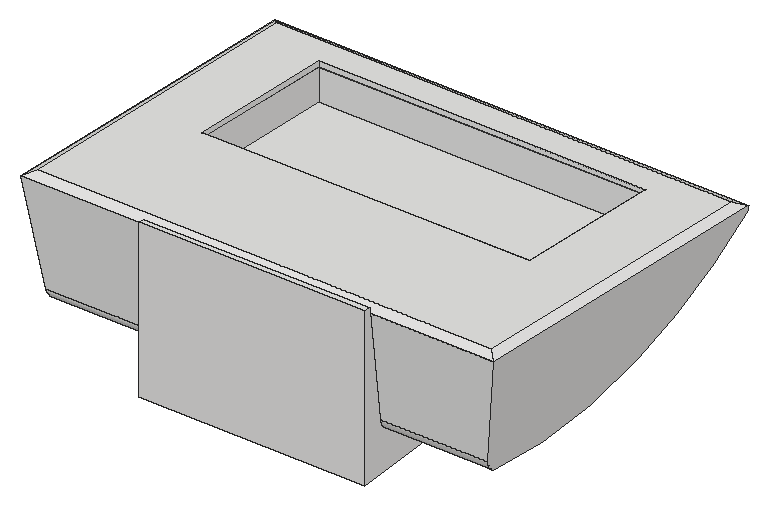
Revit family "WD2S-Up", category Lighting Fixtures, host Wall, Revit 2014
Parameters (values of type "WDS-U-24L-74-4K7-3")
  Watts = 74 W
  Wattage Comments = "30, 40, 60 & 75W"  # constant formula
  Wattage = 74 W
  built-in parameter 1150110 = 1 (stored number, unit not read)
  Voltage = 120 V
  URL = "https://www.hubbell.com/kimlighting/en/"
  Type Comments = "Lighting Fixture"  # constant formula
  built-in parameter 1114217 = 1 (stored number, unit not read)
  Tilt Angle = 90.00°
  built-in parameter 1150109 = 1 (stored number, unit not read)
  built-in parameter 1150134 = 12
  built-in parameter 1150113 = 1 (stored number, unit not read)
  Series = "Wall Director"  # constant formula
  Product Page URL = "https://www.hubbell.com/kimlighting/en/Products/Lighting-Controls/Commercial-Outdoor-Lighting/Wall-Mount/Wall-Director-2-0/p/2657528"
  Product Documentation Link = "https://www.hubbell.com/kimlighting/en/Products/Lighting-Controls/Commercial-Outdoor-Lighting/Wall-Mount/Wall-Director-2-0/p/2657528"
  Power Factor = 1  # constant formula
  Photometric Web Link = "https://www.hubbell.com/kimlighting/en/Products/Lighting-Controls/Commercial-Outdoor-Lighting/Wall-Mount/Wall-Director-2-0/p/2657528"
  Photometric Web File = "WDS-D-24L-74-4K7-3.IES"
  Photometric Notes = "More IES files download on Photometric Web Link"  # constant formula
  OmniClass Title = "Wall or Ceiling Mounted External Lighting"  # constant formula
  OmniClass Number = "23-80 70 14 11 17"  # constant formula
  Number of Poles = 1
  Note Visible = yes
  Note Text = "LF"  # constant formula
  Mounting Height = 108.50"
  Model = "WD2S-Up"  # constant formula
  MasterFormat Title = "Parking Lighting, Site Lighting"  # constant formula
  Manufacturer = "Kim Lighting"  # constant formula
  Lumens = 7844 lm
  built-in parameter 1150115 = 1 (stored number, unit not read)
  built-in parameter 1150105 = 624.21 (stored number, unit not read)
  Load Classification = Lighting
  built-in parameter 1150137 = (empty or 0)
  built-in parameter 1150139 = (empty or 0)
  Light Engine = "4000K/70CRI"
  built-in parameter 1150112 = 1 (stored number, unit not read)
  built-in parameter 1150114 = 1 (stored number, unit not read)
  Lamp = "24 LEDs"  # constant formula
  built-in parameter 1150132 = (empty or 0)
  built-in parameter 1150102 = (empty or 0)
  built-in parameter 1150138 = (empty or 0)
  built-in parameter 1150107 = 4000 (stored number, unit not read)
  built-in parameter 1150106 = 6.2421 (stored number, unit not read)
  Emit from Rectangle Width = 9.00"  # constant formula
  Emit from Rectangle Length = 4.00"  # constant formula
  Emit Shape Visible in Rendering = no
  built-in parameter 1150104 = 9.8477 (stored number, unit not read)
  Distribution = "Type III"
  Dimming Lamp Color Temperature Shift = <None>
  Description = "Wall Mounted Luminaire"  # constant formula
  Create Date = "02/16/2018"  # constant formula
  Colour Option = WD : White
  Color Filter = 16777215
  built-in parameter 1114218 = 1 (stored number, unit not read)
  built-in parameter 1150133 = 10 (stored number, unit not read)
  Assembly Code = "D5020200"
  Apparent Load = 0 VA
Types (7): name | Watts | Wattage | built-in parameter 1150134 | Photometric Web File | Mounting Height | Lumens | built-in parameter 1150105 | Light Engine | built-in parameter 1150107 | built-in parameter 1150106 | built-in parameter 1150104 | Distribution
  (no name) | 74 W | 74 W | 12 | "WDS-D-24L-74-4K7-3.IES" | 108.50" | 7844 lm | 624.21 (stored number, unit not read) | "4000K/70CRI" | 4000 (stored number, unit not read) | 6.2421 (stored number, unit not read) | 9.8477 (stored number, unit not read) | "Type III"
  WDS-U-24L-59-4K7-3 | 59 W | 59 W | 12 | "WDS-D-24L-59-4K7-3.IES" | 72.00" | 6372 lm | 507.07 (stored number, unit not read) | "4000K/70CRI" | 4000 (stored number, unit not read) | 5.0707 (stored number, unit not read) | 10.034 (stored number, unit not read) | "Type III"
  WDS-U-24L-30-3K7-WG | 29 W | 29 W | (empty or 0) | "WDS-D-24L-30-3K7-WG.IES" | 72.00" | 3393 lm | 270.01 (stored number, unit not read) | "3000K/70CRI" | 3000 (stored number, unit not read) | 2.7001 (stored number, unit not read) | 10.87 (stored number, unit not read) | "Wall Graze"
  WDS-U-24L-42-3K7-4F | 42 W | 42 W | (empty or 0) | "WDS-D-24L-42-3K7-4F.IES" | 72.00" | 4536 lm | 360.96 (stored number, unit not read) | "3000K/70CRI" | 3000 (stored number, unit not read) | 3.6096 (stored number, unit not read) | 10.034 (stored number, unit not read) | "Type IV Forward"
  WDS-U-24L-59-5K7-1 | 59 W | 59 W | 2 | "WDS-D-24L-59-5K7-1.ies" | 72.00" | 6608 lm | 1752.7 (stored number, unit not read) | "5000K/70CRI" | 5000 (stored number, unit not read) | 17.527 (stored number, unit not read) | 10.405 (stored number, unit not read) | "Type I"
  WDS-U-24L-74-4K7-3 | 74 W | 74 W | 12 | "WDS-D-24L-74-4K7-3.IES" | 108.50" | 7844 lm | 624.21 (stored number, unit not read) | "4000K/70CRI" | 4000 (stored number, unit not read) | 6.2421 (stored number, unit not read) | 9.8477 (stored number, unit not read) | "Type III"
  WDS-U-24L-30-3K7-3 | 29 W | 29 W | (empty or 0) | "WDS-D-24L-30-3K7-3.IES" | 72.00" | 3364 lm | 267.7 (stored number, unit not read) | "3000K/70CRI" | 3000 (stored number, unit not read) | 2.677 (stored number, unit not read) | 10.777 (stored number, unit not read) | "Type III"
Reference planes (in)
  plane 1: y = 0
  plane 2 "Light Source Axis (F/B)": y = 9
  plane 3 "Light Source Axis (L/R)": x = -1.43133
  plane 4 "Light Source Elevation": z = 108.5
  plane 5 "Back": y = 3
  plane 6: z = 0
  plane 7: z = 107
Text (in)
  text "Placement Side" at (0, 30.98322, 113.37339), in view "Right"
  text "Placement Side" at (-61.11156, 46.17328, 0), in view "Ref. Level"
  text "Placement Side" at (0, 49.33155, 111.53661), in view "Left"
Dimensions and locks (in)
  locked: plane 5 "Back" to host wall at 0
  plane 6 to plane 4 "Light Source Elevation" = 108.50"
  locked: plane 2 "Light Source Axis (F/B)" to plane 5 "Back" at 6
  locked: plane 7 to plane 4 "Light Source Elevation" at 1.5
  "Mounting Height": plane 6 to plane 4 "Light Source Elevation"
  aligned and locked: plane 4 "Light Source Elevation" to imposter light
  aligned and locked: imposter light to plane 2 "Light Source Axis (F/B)"
  aligned and locked: plane 3 "Light Source Axis (L/R)" to nested 1
  aligned and locked: plane 7 to nested 1
  aligned and locked: plane 3 "Light Source Axis (L/R)" to imposter light
Nested families (in)
  nested 1: "WD" at (-1.43133, 3, 107) x (1, 0, 0) z (0, 1, 0), type "Platinum Silver"
Connectors (in)
  electrical at (-1.43133, 3, 107), driven by "Load Classification", driven by "Voltage", driven by "Apparent Load", driven by "Power Factor"
    settings: on nested 1, index 1, voltage 120 V, apparent load 0 VA, apparent load phase1 0 VA, apparent load phase2 0 VA, apparent load phase3 0 VA, power factor 1, load classification "Lighting", number of poles 1, system type 30, power factor state 1, is connector primary yes, connector utility no, sub classification motor no, connector description "Ligthing Connector"
Definition of nested family "WD"
  Parameters (values of type "White")
    Material Finish = Hubbell - White
    Glass = Hubbell - White Glass
  Types (8): name | Material Finish
    (no name) | Hubbell - White
    Black | Hubbell - Black
    Dark Bronze | Hubbell - Dark Bronze
    Graphite | Hubbell - Graphite
    Light Gray | Hubbell - Light Gray
    Platinum Silver | Hubbell - Platinum Silver
    Titanium | Hubbell - Titanium
    White | Hubbell - White
  Reference planes (in)
    plane 1 "Center (Front/Back)": y = 0
    plane 2: z = 0
    plane 3 "Center (Left/Right)": x = 0
    plane 4: x = -6.5
    plane 5: x = 6.5
    plane 6: y = 2.15
    plane 7: y = -2.15
    plane 8: y = -2.025
    plane 9: through (-6.5, -2.025, 48) normal (-0.9877, 0.1564, 0)
    plane 10: through (6.5, -2.025, 48) normal (-0.9877, -0.1564, 0)
    plane 11: z = 8.9
    plane 12: x = -3.1
    plane 13: x = 3.1
    plane 14: z = 7.9
    plane 15: z = 3.9
    plane 16: x = -4.5
    plane 17: x = 4.5
    plane 18: y = -1.15
  Forms (in)
    Extrusion 1, solid, material "Hubbell - White" <- "Material Finish"
      sketch origin (0, 0, 0) x (0, 1, 0) y (0, 0, 1)
        loop
          line (-2.025, 0.17032) -> (0.73999, 0.50982)
          arc (0.73999, 0.50982) -> (0.97971, 0.62792) -> (1.09396, 0.8695) r 0.40569
          arc (1.09396, 0.8695) -> (1.0549, 3.28133) -> (0.43271, 5.61186) r 9.88236
          arc (0.43271, 5.61186) -> (-0.54071, 7.39296) -> (-1.90039, 8.9) r 8.69883
          line (-1.90039, 8.9) -> (-2.025, 8.9) -> (-2.025, 0.17032)
      from -6.5 to 6.5
    Extrusion 2, solid, material "Hubbell - White" <- "Material Finish"
      sketch origin (0, 0, 0) x (0, 1, 0) y (0, 0, 1)
        loop
          line (-2.15, 0) -> (2.15, 0)
          arc (2.15, 0) -> (1.7043, 3.06816) -> (0.33308, 5.84881) r 9.9183
          arc (0.33308, 5.84881) -> (0.38377, 5.7307) -> (0.43271, 5.61186) r 8.69883
          arc (0.43271, 5.61186) -> (1.0549, 3.28133) -> (1.09396, 0.8695) r 9.88236
          arc (1.09396, 0.8695) -> (0.97971, 0.62792) -> (0.73999, 0.50982) r 0.40569
          line (0.73999, 0.50982) -> (-2.15, 0.15497) -> (-2.15, 0)
      from -3.1 to 3.1
    Extrusion 3, void
      sketch origin (0, 0, 0) x (1, 0, 0) y (0, 1, 0)
        loop
          line (-6.5, -2.025) -> (-5.83874, 2.15) -> (-6.5, 2.15) -> (-6.5, -2.025)
        loop
          line (6.5, -2.025) -> (6.5, 2.15) -> (5.83874, 2.15) -> (6.5, -2.025)
      from 0 to 8.9
    Blend 4, solid, material "Hubbell - White" <- "Material Finish"
      base sketch origin (0, 0, 0) x (1, 0, 0) y (0, 0, 1)
        loop
          line (-6.5, 8.9) -> (-6.5, 0.17032) -> (6.5, 0.17032) -> (6.5, 8.9) -> (-6.5, 8.9)
      top sketch origin (0, 0, 0) x (1, 0, 0) y (0, 0, 1)
        loop
          line (-6.23026, 8.65) -> (-6.23026, 0.42032) -> (6.25, 0.42032) -> (6.25, 8.65) -> (-6.23026, 8.65)
      from 2.025 to 2.15
    Extrusion 5, void
      sketch origin (0, 0, 0) x (1, 0, 0) y (0, 0, 1)
        loop
          line (-4.5, 7.9) -> (-4.5, 3.9) -> (4.5, 3.9) -> (4.5, 7.9) -> (-4.5, 7.9)
      from 1.15 to 2.15
    Extrusion 6, solid, material "Hubbell - White Glass" <- "Glass"
      sketch origin (0, 0, 0) x (1, 0, 0) y (0, 0, 1)
        loop
          line (-4.5, 7.9) -> (-4.5, 3.9) -> (4.5, 3.9) -> (4.5, 7.9) -> (-4.5, 7.9)
      from 2.025 to 2.15
  Cuts and joins
    Extrusion 3, Extrusion 5 cuts Extrusion 1
    Extrusion 5 cuts Blend 4
  Dimensions and locks (in)
    equal spacing: plane 4, plane 3 "Center (Left/Right)", plane 5
    locked: plane 4 to plane 5 at 13
    equal spacing: plane 6, plane 1 "Center (Front/Back)", plane 7
    locked: plane 6 to plane 7 at 4.3
    locked: plane 8 to plane 7 at 0.125
    plane 11 to plane 2 = 8.90"
    equal spacing: plane 12, plane 3 "Center (Left/Right)", plane 13, locked at 3.1 each
    locked: plane 11 to plane 14 at 1
    locked: plane 14 to plane 15 at 4
    locked: plane 16 to plane 4 at 2
    locked: plane 5 to plane 17 at 2
    locked: plane 18 to plane 7 at 1
    angle plane 9 to plane 4 = 9.00°
    aligned and locked: plane 2 to level
    aligned and locked: Extrusion 1 sketch curve to plane 8
    aligned and locked: Extrusion 2 sketch curve to plane 7
    aligned and locked: plane 2 to Extrusion 2 sketch curve
    aligned and locked: Extrusion 1 to plane 4
    aligned and locked: plane 5 to Extrusion 1
    aligned and locked: Extrusion 2 to plane 12
    aligned and locked: Extrusion 2 to plane 13
    aligned and locked: plane 6 to Extrusion 3 sketch curve
    aligned and locked: Extrusion 3 sketch curve to plane 4
    aligned and locked: Extrusion 3 sketch curve to plane 9
    aligned and locked: Extrusion 3 sketch curve to plane 6
    aligned and locked: Extrusion 3 sketch curve to plane 10
    aligned and locked: Extrusion 3 sketch curve to plane 5
    aligned and locked: plane 11 to Extrusion 3
    aligned and locked: Extrusion 3 to plane 2
    aligned and locked: Blend 4 sketch curve to cut or joined group of Extrusion 1, Extrusion 3, Extrusion 5  (x4)
    aligned and locked: plane 8 to Blend 4
    aligned and locked: Blend 4 to plane 7
    aligned and locked: Extrusion 5 sketch curve to plane 14
    aligned and locked: plane 16 to Extrusion 5 sketch curve
    aligned and locked: plane 15 to Extrusion 5 sketch curve
    aligned and locked: Extrusion 5 sketch curve to plane 17
    aligned and locked: Extrusion 5 to plane 7
    aligned and locked: plane 18 to Extrusion 5
    aligned and locked: Extrusion 6 sketch curve to cut or joined group of Extrusion 1, Extrusion 3, Extrusion 5  (x4)
    aligned and locked: plane 8 to Extrusion 6
    aligned and locked: Extrusion 6 to plane 7
  Automatic sketch dimensions
    level to Extrusion 1 sketch curve = 0.17032"
    Extrusion 1 sketch curve to plane 11 = 0.00"
    Extrusion 1 sketch curve to Extrusion 1 sketch curve = 1.09767"
    Extrusion 1 sketch curve to plane 1 "Center (Front/Back)" = 0.69055"
    Extrusion 1 sketch curve to Extrusion 1 sketch curve = 0.04944"
    level to Extrusion 1 sketch curve = 0.50982"
    Extrusion 1 sketch curve to Extrusion 1 sketch curve = 0.40267"
    Extrusion 1 sketch curve to Extrusion 1 sketch curve = 0.44255"
    Extrusion 1 sketch curve to Extrusion 1 sketch curve = 0.12461"
    Extrusion 1 sketch curve to plane 1 "Center (Front/Back)" = 0.43271"
    Extrusion 1 sketch curve to Extrusion 1 sketch curve = 0.00"  (x2)
    Extrusion 2 sketch curve to plane 6 = 0.00"
    level to Extrusion 2 sketch curve = 2.35914"
    level to Extrusion 2 sketch curve = 0.12577"
    Extrusion 2 sketch curve to Extrusion 2 sketch curve = 0.13241"
    Extrusion 2 sketch curve to Extrusion 2 sketch curve = 1.09767"
    Extrusion 2 sketch curve to plane 1 "Center (Front/Back)" = 0.69055"
    Extrusion 2 sketch curve to Extrusion 2 sketch curve = 0.04944"
    Extrusion 2 sketch curve to Extrusion 2 sketch curve = 0.15497"
    level to Extrusion 2 sketch curve = 0.50982"
    Extrusion 2 sketch curve to Extrusion 2 sketch curve = 0.40267"
    Extrusion 2 sketch curve to Extrusion 2 sketch curve = 0.44255"
    Extrusion 2 sketch curve to plane 1 "Center (Front/Back)" = 0.33308"
    Extrusion 2 sketch curve to Extrusion 2 sketch curve = 0.09963"
    Extrusion 2 sketch curve to Extrusion 2 sketch curve = 0.00"
    plane 4 to Blend 4 sketch curve = 0.26974"
    Blend 4 sketch curve to plane 5 = 0.25"
    level to Blend 4 sketch curve = 0.42032"
    Blend 4 sketch curve to plane 11 = 0.25"
